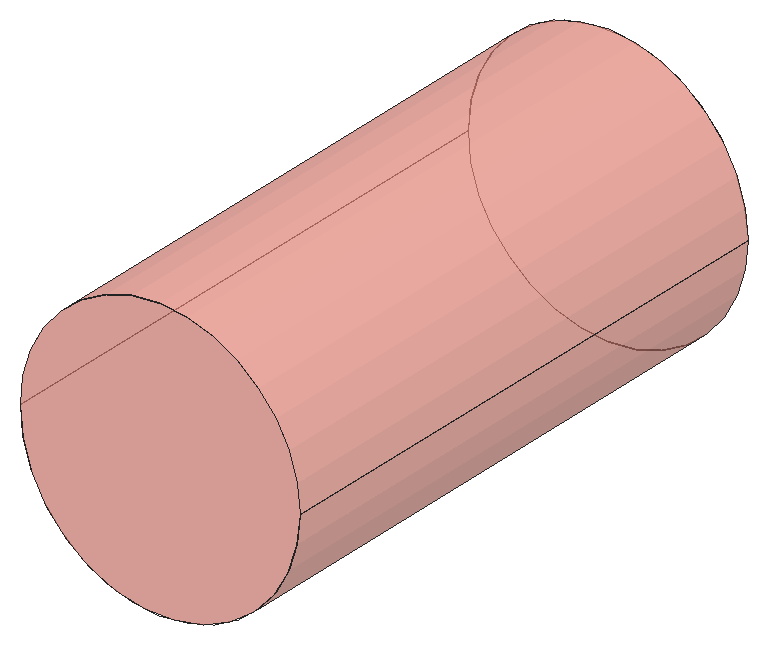
Revit family "ATL_Отверстие в стене", category Окна, Revit 2019
Family settings
  На основе рабочей плоскости = Нет
  Всегда вертикально = Да
  При загрузке вырезать с полостями = Да
  Общий = Нет
  Точка расчета площади = Да
Parameters
  Файл модели стен [instance] = ""
  Утверждено [instance] = yes
  Прямоугольное [instance] = not(Круглое)  # no
  Отступ [instance] = 50 mm
  Отметка уровня выше [instance] = 4500 mm
  Отметка уровня [instance] = 3000 mm
  Отметка [instance] = 4000 mm
  Люк_Видимость [instance] = and(Люк, Прямоугольное)  # no
  Люк [instance] = no
  Круглое [instance] = yes
  ЗАДАНИЕ_ШИРИНА [instance] = 600 mm
  ЗАДАНИЕ_ВЫСОТА [instance] = 1000 mm
  ЗАДАНИЕ_ДИАМЕТР [instance] = 50 mm
  Группа модели = "Отверстия"  # constant formula
  Аналитическая конструкция = "<Нет>"
  Ø [instance] = if(Круглое, ADSK_Размер_Диаметр, 10 mm)  # 150 mm
  l [instance] = if(Прямоугольное, ADSK_Размер_Ширина, 10 mm)  # 10 mm
  h@ [instance] = if(Видимость_Нижний уровень < 0 mm, 0 mm, Видимость_Нижний уровень)  # 1000 mm
  Видимость_Нижний уровень [instance] = abs(Отметка - Отметка уровня)  # 1000 mm
  Видимость_Верхний уровень [instance] = abs(Отметка уровня выше - Отметка)  # 500 mm
  h [instance] = if(Прямоугольное, ADSK_Размер_Высота, 10 mm)  # 10 mm
  ATL_Раздел инженерной сети [instance] = "ОВ"
  ATL_Габариты [instance] = ""
  ADSK_Размер_Ширина [instance] = if(Круглое, 50 mm, ЗАДАНИЕ_ШИРИНА + Отступ * 2)  # 50 mm
  ADSK_Размер_Диаметр [instance] = ЗАДАНИЕ_ДИАМЕТР + Отступ * 2  # 150 mm
  ADSK_Размер_Глубина [instance] = 300 mm
  ADSK_Размер_Высота [instance] = if(Круглое, 50 mm, ЗАДАНИЕ_ВЫСОТА + Отступ * 2)  # 50 mm
  ADSK_Отверстие_Отметка от этажа [instance] = if(Круглое, abs(Отметка - Отметка уровня), abs((Отметка - Отметка уровня) - ADSK_Размер_Высота / 2))  # 1000 mm
  ADSK_Отверстие_Отметка от нуля [instance] = if(Круглое, Отметка, Отметка - ADSK_Размер_Высота / 2)  # 4000 mm
  ADSK_Код изделия [instance] = ""
  ADSK_Дата [instance] = "2021.10.12"
  ===СЛУЖЕБНЫЕ=== [instance] = "===СЛУЖЕБНЫЕ==="  # constant formula
  ===ОТМЕТКИ=== [instance] = "===ОТМЕТКИ==="  # constant formula
  ===ЗАДАНИЕ=== [instance] = "===ЗАДАНИЕ==="  # constant formula
Reference planes
  plane 1 "По центру (Вперед/Назад)": y = 0
  plane 2: z = 0
  plane 3 "По центру (Влево/Вправо)": x = 0
  plane 4: z = 5
  plane 5: x = -5
  plane 6: x = 5
  plane 7: y = 150
  plane 8: y = -150
  plane 9: x = -2.5
  plane 10: z = 2.5
  plane 11: y = 250
  plane 12: y = -250
  plane 13: z = -5
Forms (mm)
  Extrusion 1, solid, material "ATL_Отверстие", visible <- "Прямоугольное"
    sketch origin (0, 0, 0) x (1, 0, 0) y (0, 0, 1)
      loop
        line (-5, 5) -> (-5, -5) -> (5, -5) -> (5, 5) -> (-5, 5)
    from -150 to 150
  Extrusion 2, void
    sketch origin (0, 0, 0) x (1, 0, 0) y (0, 0, 1)
      loop
        line (-5, 5) -> (-5, -5) -> (5, -5) -> (5, 5) -> (-5, 5)
    from -250 to 250
  Extrusion 3, void
    sketch origin (0, 0, 0) x (1, 0, 0) y (0, 0, 1)
      loop
        circle (0, 0) r 75
    from -250 to 250
  Extrusion 4, solid, material "ATL_Отверстие", visible <- "Круглое"
    sketch origin (0, 0, 0) x (1, 0, 0) y (0, 0, 1)
      loop
        circle (0, 0) r 75
    from -150 to 150
Lines and regions (mm)
  reference lines
    curve 1: line (0, 0, -1000) -> (0, 0, 500)
  symbolic lines
    curve 2: line (-5, 0, -5) -> (-2.5, 0, 2.5)
    curve 3: line (-2.5, 0, 2.5) -> (5, 0, 5)
  symbolic lines, visible <- "Прямоугольное"
    curve 4: line (-5, 250, 0) -> (5, 250, 0)
    curve 5: line (-5, -250, 0) -> (-5, 250, 0)
    curve 6: line (5, -250, 0) -> (-5, -250, 0)
    curve 7: line (5, 250, 0) -> (5, -250, 0)
    curve 8: line (-5, -150, 0) -> (5, 150, 0)
    curve 9: line (-5, 150, 0) -> (5, -150, 0)
Dimensions and locks
  equal spacing: plane 6, plane 3 "По центру (Влево/Вправо)", plane 5
  "l": plane 5 to plane 6
  "Видимость_Верхний уровень": curve 1 to plane 2
  "h@": plane 2 to curve 1
  "h": plane 4 to plane 13
  equal spacing: plane 7, plane 1 "По центру (Вперед/Назад)", plane 8
  "ADSK_Размер_Глубина": plane 7 to plane 8
  equal spacing: plane 4, level, plane 13
  equal spacing: plane 4, plane 10, level
  locked: plane 11 to plane 7 at 100
  locked: plane 8 to plane 12 at 100
  equal spacing: plane 5, plane 9, plane 3 "По центру (Влево/Вправо)"
  locked: Extrusion 3 sketch curve to plane 3 "По центру (Влево/Вправо)"
  locked: Extrusion 3 sketch curve to level
  locked: Extrusion 4 sketch curve to plane 3 "По центру (Влево/Вправо)"
  locked: Extrusion 4 sketch curve to level
  "Ø": diameter of Extrusion 3 sketch curve
  "Ø": diameter of Extrusion 4 sketch curve
  aligned and locked: level to plane 2
  aligned and locked: curve 1 to plane 3 "По центру (Влево/Вправо)"
  aligned and locked: Extrusion 1 sketch curve to plane 4
  aligned and locked: Extrusion 1 sketch curve to plane 5
  aligned and locked: plane 6 to Extrusion 1 sketch curve
  aligned and locked: Extrusion 2 sketch curve to Extrusion 1  (x3)
  aligned and locked: Extrusion 2 to plane 12
  aligned and locked: plane 11 to Extrusion 2
  aligned and locked: curve 5 to Extrusion 2
  aligned and locked: curve 7 to Extrusion 2
  aligned and locked: plane 5 to curve 9
  aligned and locked: plane 7 to curve 9
  aligned and locked: plane 7 to curve 8
  aligned and locked: plane 6 to curve 8
  aligned and locked: plane 8 to curve 8
  aligned and locked: plane 8 to curve 9
  aligned and locked: plane 3 "По центру (Влево/Вправо)" to nested 1
  aligned and locked: plane 1 "По центру (Вперед/Назад)" to nested 1
  aligned and locked: plane 13 to Extrusion 2 sketch curve
  aligned and locked: plane 13 to Extrusion 1 sketch curve
  aligned and locked: plane 5 to curve 2
  aligned and locked: plane 13 to curve 2
  aligned and locked: plane 11 to Extrusion 3
  aligned and locked: Extrusion 3 to plane 12
  aligned and locked: plane 3 "По центру (Влево/Вправо)" to nested 2
  aligned and locked: nested 2 to plane 2
  aligned and locked: plane 7 to Extrusion 1
  aligned and locked: Extrusion 1 to plane 8
  aligned and locked: plane 7 to Extrusion 4
  aligned and locked: Extrusion 4 to plane 8
  aligned and locked: plane 8 to nested 2
  aligned and locked: plane 3 "По центру (Влево/Вправо)" to nested 3
  aligned and locked: plane 1 "По центру (Вперед/Назад)" to nested 3
Automatic sketch dimensions
  curve 3 to plane 9 = 0 mm
  curve 3 to plane 4 = 0 mm
  plane 6 to curve 3 = 0 mm
  curve 3 to plane 10 = 0 mm
  curve 4 to plane 11 = 0 mm
  curve 6 to plane 12 = 0 mm
Nested families
  nested 1: "УГО_Отверстие" at (0, 0, 0), ADSK_Размер_Высота <- "ADSK_Размер_Глубина", ADSK_Размер_Длина <- "ADSK_Размер_Ширина", visible <- "Прямоугольное", type "УГО_Отверстие"
    with ADSK_Размер_Длина 50 mm, ADSK_Размер_Высота 300 mm
  nested 2: "Лючок" at (0, -150, 0) x (1, 0, 0) z (0, -1, 0), Высота <- "ADSK_Размер_Высота", Ширина <- "ADSK_Размер_Ширина", visible <- "Люк_Видимость", type "ВК"
    with Ширина 50 mm, Высота 50 mm
  nested 3: "УГО_Отверстие" at (0, 0, 0), ADSK_Размер_Высота <- "ADSK_Размер_Глубина", ADSK_Размер_Длина <- "Ø", visible <- "Круглое", type "УГО_Отверстие"
    with ADSK_Размер_Длина 150 mm, ADSK_Размер_Высота 300 mm
Definition of nested family "Лючок"
  Parameters (values of type "ВК")
    Ширина [instance] = 300 mm
    Default Elevation = 1219.2 mm
    Материал = none
    Высота [instance] = 300 mm
    Model = "Задание на лючок"  # constant formula
  Reference planes
    plane 1 "По центру (Вперед/Назад)": y = 0
    plane 2: z = 0
    plane 3 "По центру (Влево/Вправо)": x = 0
    plane 4 "УГО": z = 1
    plane 5: z = 300
    plane 6: x = -150
    plane 7: x = 150
    plane 8: y = -150
    plane 9: y = 150
    plane 10: z = -15
  Forms (mm)
    Sweep 1, solid, material <- "Материал"
      path origin (11.281, 13.416, 0) x (1, 0, 0) y (0, 1, 0)
        loop
          line (-161.281, 136.584) -> (-161.281, -163.416) -> (138.719, -163.416) -> (138.719, 136.584) -> (-161.281, 136.584)
      profile origin (-150, 0, 0) x (1, 0, 0) y (0, 0, 1)
        loop
          line (0, 0) -> (0, -15) -> (2, -15) -> (2, 2) -> (-18, 2) -> (-18, 0) -> (0, 0)
    Extrusion 2, solid, material <- "Материал"
      sketch origin (11.281, 13.416, 0) x (1, 0, 0) y (0, 1, 0)
        loop
          line (-159.281, 134.584) -> (-159.281, -161.416) -> (136.719, -161.416) -> (136.719, 134.584) -> (-159.281, 134.584)
      from 2 to 0
  Dimensions and locks
    locked: plane 4 "УГО" to level at 1
    Sweep 1 sketch curve to Sweep 1 sketch curve = 17 mm
    Sweep 1 sketch curve to plane 6 to Sweep 1 sketch curve = 2 mm locked, 18 mm locked
    equal spacing: plane 9, plane 1 "По центру (Вперед/Назад)", plane 8
    equal spacing: plane 6, plane 3 "По центру (Влево/Вправо)", plane 7
    "Ширина": plane 6 to plane 7
    "Высота": plane 9 to plane 8
    level to plane 10 = 15 mm
    "Высота": plane 5 to level
    aligned and locked: level to plane 2
    aligned and locked: Sweep 1 sketch curve to plane 9
    aligned and locked: Sweep 1 sketch curve to plane 6
    aligned and locked: Sweep 1 sketch curve to plane 8
    aligned and locked: Sweep 1 sketch curve to plane 7
    aligned and locked: plane 6 to Sweep 1 sketch curve
    aligned and locked: Extrusion 2 sketch curve to Sweep 1  (x4)
  Automatic sketch dimensions
    Sweep 1 sketch curve to profile plane = 0 mm
    Sweep 1 sketch curve to profile plane = 15 mm
Definition of nested family "УГО_Отверстие"
  Parameters (values of type "УГО_Отверстие")
    ADSK_Размер_Длина [instance] = 788.951 mm
    ADSK_Размер_Высота [instance] = 494.124 mm
  Reference planes
    plane 1 "По центру (Вперед/Назад)": y = 0
    plane 2: z = 0
    plane 3 "По центру (Влево/Вправо)": x = 0
    plane 4: x = -394.475
    plane 5: y = -247.062
    plane 6: x = 394.475
    plane 7: y = 247.062
  Lines and regions (mm)
    Filled region 1, type "Сплошная заливка - Черный", in view "Опорный уровень"
      outline origin (0, 0, 0) x (1, 0, 0) y (0, 1, 0)
        loop
          line (-394.475, 247.062) -> (-394.475, -247.062) -> (394.475, -247.062) -> (394.475, 247.062) -> (-394.475, 247.062)
  Dimensions and locks
    equal spacing: plane 4, plane 3 "По центру (Влево/Вправо)", plane 6
    equal spacing: plane 7, plane 1 "По центру (Вперед/Назад)", plane 5
    "ADSK_Размер_Длина": plane 4 to plane 6
    "ADSK_Размер_Высота": plane 7 to plane 5
    aligned and locked: Filled region 1 sketch curve to plane 4
    aligned and locked: plane 7 to Filled region 1 sketch curve
    aligned and locked: plane 6 to Filled region 1 sketch curve
    aligned and locked: Filled region 1 sketch curve to plane 5
